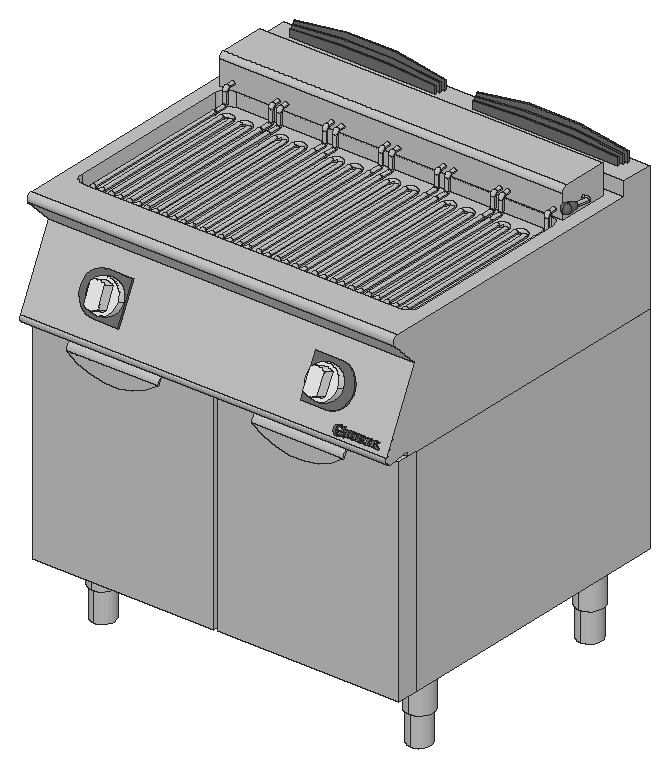
Revit family "QF_GIORIK_GL74GE", category Specialty Equipment, Revit 2014
Parameters (values of type "GL74GE")
  Weight in Pounds = 176.3696
  Watts = 8000 W
  Waste Water Discharge Temperature [instance] = 0 °C
  Volts = 230 V
  URL Cutsheet = "www.giorik.com"
  URL = "www.giorik.com"
  Status [instance] = ""
  Specification by User [instance] = ""
  Specification by Manufacturer = ""
  Show Logo [instance] = yes
  Show Clearance [instance] = yes
  Serial Number = ""
  Seismic Rating = ""
  SMACNA No = ""
  Revision Code [instance] = ""
  Plumbing Remarks [instance] = ""
  Plumbing Connection Type [instance] = ""
  Phase = 3
  Number of Poles [instance] = 3
  NAFEM Spec ID Number = ""
  Model = "GL74GE"
  Min Ckt Ampacity = 0 A
  Max Overcurrent Protection = 0 A
  Masterspec = ""
  Manufacturer = "GIORIK"
  Item Number [instance] = ""
  Installed By [instance] = ""
  Indirect Waste Size = 1 1/4"
  Indirect Waste Flow = 0.0 L/s
  Indirect Waste Connection Type [instance] = ""
  Indirect Waste Connection Height [instance] = 150 mm
  Identify Quantity as Lot [instance] = no
  HP = "10.728160000000"
  Furnished By [instance] = ""
  Foodservice Equipment Identifier [instance] = yes
  FL Amps = 0 A
  Electrical Remarks [instance] = ""
  Electric Connection Type [instance] = ""
  Elec Conn RI Height [instance] = 0 mm
  Elec Conn Connection Height [instance] = 150 mm
  Description = "ELECTRIC STEAMGRILL"
  Cycle = 50 Hz
  Conn Plug = ""
  Conn Conduit [instance] = no
  CSI MasterFormat = ""
  Assembly Code = "E1090320"
  Apparent Power = 8000 VA
Reference planes
  plane 1 "Back": y = 0
  plane 2: z = 0
  plane 3 "Left": x = 0
  plane 4 "Right": x = 800
  plane 5 "Front": y = -720
  plane 6 "Top": z = 900
Forms (mm)
  Extrusion 1, solid, visible <- "Show Logo"
    sketch origin (586.604, -736.761, 609.486) x (-1, 0, 0) y (0, 0.452718, 0.891654)
      loop
        line (-118.824, 58.358) -> (-127.804, 58.358) -> (-125.523, 56.445) -> (-125.523, 48.027) -> (-127.804, 46.113) -> (-118.824, 46.113) -> (-121.105, 48.027) -> (-121.105, 56.445) -> (-118.824, 58.358)
      loop
        line (-163.721, 58.358) -> (-172.7, 58.358) -> (-170.42, 56.445) -> (-170.42, 48.027) -> (-172.7, 46.113) -> (-163.721, 46.113) -> (-166.001, 48.027) -> (-166.001, 56.445) -> (-163.721, 58.358)
      loop
        line (-174.332, 58.358) -> (-183.312, 58.358) -> (-181.031, 56.445) -> (-181.031, 52.435) -> (-186.419, 56.955) -> (-184.416, 58.358) -> (-191.268, 58.358) -> (-188.01, 56.839) -> (-185.455, 54.283) -> (-190.846, 47.858) -> (-193.396, 46.93) -> (-193.396, 46.113) -> (-184.416, 46.113) -> (-185.437, 47.571) -> (-182.443, 51.552) -> (-181.031, 50.894) -> (-181.031, 48.027) -> (-183.312, 46.113) -> (-174.332, 46.113) -> (-176.613, 48.027) -> (-176.613, 56.445) -> (-174.332, 58.358)
      loop
        line (-115.429, 62.063) -> (-115.429, 54.198)
        arc (-115.429, 54.198) -> (-111.618, 57.803) -> (-106.847, 59.986) r 16.039
        arc (-106.847, 59.986) -> (-103.314, 59.837) -> (-100.512, 57.68) r 5.851
        arc (-100.512, 57.68) -> (-98.815, 52.267) -> (-100.512, 46.853) r 9.479
        arc (-100.512, 46.853) -> (-102.406, 44.986) -> (-104.846, 43.93) r 7.236
        arc (-104.846, 43.93) -> (-107.728, 44.111) -> (-110.052, 45.825) r 5.11
        line (-110.052, 45.825) -> (-110.052, 52.001) -> (-116.141, 52.001) -> (-116.141, 45.503) -> (-117.893, 43.751) -> (-114.094, 44.769)
        arc (-114.094, 44.769) -> (-112.56, 44.947) -> (-111.129, 44.366) r 3.115
        arc (-111.129, 44.366) -> (-104.216, 42.091) -> (-97.303, 44.366) r 11.641
        arc (-97.303, 44.366) -> (-93.396, 52.107) -> (-97.303, 59.849) r 9.622
        arc (-97.303, 59.849) -> (-104.369, 62.174) -> (-111.435, 59.849) r 11.898
        line (-111.435, 59.849) -> (-115.429, 62.063)
      loop
        arc (-129.234, 56.068) -> (-135.893, 58.628) -> (-142.552, 56.068) r 9.941
        arc (-142.552, 56.068) -> (-144.234, 52.286) -> (-142.552, 48.505) r 5.093
        arc (-142.552, 48.505) -> (-135.893, 45.945) -> (-129.234, 48.505) r 9.941
        arc (-129.234, 48.505) -> (-127.552, 52.286) -> (-129.234, 56.068) r 5.093
      loop
        arc (-132.628, 54.403) -> (-135.893, 57.668) -> (-139.158, 54.403) r 3.265
        line (-139.158, 54.403) -> (-139.158, 50.169)
        arc (-139.158, 50.169) -> (-135.893, 46.904) -> (-132.628, 50.169) r 3.265
        line (-132.628, 50.169) -> (-132.628, 54.403)
      loop
        arc (-156.363, 58.365) -> (-159.647, 55.081) -> (-156.363, 51.796) r 3.285
        line (-156.363, 51.796) -> (-159.529, 47.306) -> (-162.087, 46.113) -> (-155.847, 46.113) -> (-153.529, 51.083) -> (-150.637, 51.083) -> (-150.637, 47.784) -> (-153.022, 46.113) -> (-144.011, 46.113) -> (-146.094, 47.68) -> (-146.094, 56.493) -> (-144.229, 58.365) -> (-156.363, 58.365)
      loop
        line (-150.637, 57.512) -> (-153.637, 57.512)
        arc (-153.637, 57.512) -> (-156.237, 54.912) -> (-153.637, 52.312) r 2.6
        line (-153.637, 52.312) -> (-150.637, 52.312) -> (-150.637, 57.512)
      loop
        line (-108.924, 52.001) -> (-104.936, 49.005) -> (-100.948, 52.001) -> (-108.924, 52.001)
    from 1.5 to -0.5
  Extrusion 2, solid
    sketch origin (-16, 1025.81, 0) x (1, 0, 0) y (0, 1, 0)
      loop
        line (25, -1086.81) -> (25, -1156.81) -> (115, -1156.81) -> (115, -1086.81) -> (25, -1086.81)
    from 148 to 150
  Extrusion 3, solid
    sketch origin (-4, 0, 130) x (1, 0, 0) y (0, 1, 0)
      loop
        circle (54, -385) r 12.5
    from 0 to 20
  Extrusion 4, solid
    sketch origin (0, 1000, -20) x (0, 1, 0) y (0, 0, 1)
      loop
        line (-1000, 919.988) -> (-1070, 919.988) -> (-1070, 889.988) -> (-1688.806, 889.988)
        arc (-1688.806, 889.988) -> (-1699.151, 883.075) -> (-1696.724, 870.873) r 11.197
        line (-1696.724, 870.873) -> (-1640.876, 815.025) -> (-1718.948, 661.258)
        arc (-1718.948, 661.258) -> (-1718.233, 650.105) -> (-1708.118, 645.354) r 10.981
        line (-1708.118, 645.354) -> (-1660, 649.925) -> (-1660, 640) -> (-1000, 640) -> (-1000, 919.988)
    from 0 to 800
  Extrusion 5, solid
    sketch origin (0, 0, 599.536) x (1, 0, 0) y (0, 1, 0)
      loop
        line (0, -640) -> (40, -640) -> (40, -40) -> (760, -40) -> (760, -640) -> (800, -640) -> (800, 0) -> (0, 0) -> (0, -640)
    from -449.536 to 20.464
  Extrusion 6, solid
    sketch origin (0, 0, 0) x (1, 0, 0) y (0, 1, 0)
      loop
        line (40, -40) -> (40, -640) -> (760, -640) -> (760, -40) -> (40, -40)
    from 150 to 190
  Extrusion 7, solid
    sketch origin (-16, 560.81, 0) x (1, 0, 0) y (0, 1, 0)
      loop
        line (25, -1086.81) -> (25, -1156.81) -> (115, -1156.81) -> (115, -1086.81) -> (25, -1086.81)
    from 148 to 150
  Revolve 8, solid
    sketch origin (54, 560.81, 0) x (0, 1, 0) y (0, 0, 1)
      loop
        line (-1092.56, 66) -> (-1092.56, 148) -> (-1121.81, 148) -> (-1121.81, 0) -> (-1096.81, 0) -> (-1096.81, 66) -> (-1092.56, 66)
      axis (-1121.81, 0) -> (-1121.81, 148)
    angle from 0 to 360
  Revolve 9, solid
    sketch origin (54, 1025.81, 0) x (0, 1, 0) y (0, 0, 1)
      loop
        line (-1092.56, 66) -> (-1092.56, 148) -> (-1121.81, 148) -> (-1121.81, 0) -> (-1096.81, 0) -> (-1096.81, 66) -> (-1092.56, 66)
      axis (-1121.81, 0) -> (-1121.81, 148)
    angle from 0 to 360
  Extrusion 10, solid
    sketch origin (816, 560.81, 0) x (-1, 0, 0) y (0, -1, 0)
      loop
        line (25, 1086.81) -> (115, 1086.81) -> (115, 1156.81) -> (25, 1156.81) -> (25, 1086.81)
    from 148 to 150
  Revolve 11, solid
    sketch origin (746, 560.81, 0) x (0, 1, 0) y (0, 0, -1)
      loop
        line (-1092.56, -66) -> (-1096.81, -66) -> (-1096.81, 0) -> (-1121.81, 0) -> (-1121.81, -148) -> (-1092.56, -148) -> (-1092.56, -66)
      axis (-1121.81, 0) -> (-1121.81, -148)
    angle from 0 to 360
  Extrusion 12, solid
    sketch origin (816, -1217.81, 0) x (-1, 0, 0) y (0, -1, 0)
      loop
        line (25, -1086.81) -> (25, -1156.81) -> (115, -1156.81) -> (115, -1086.81) -> (25, -1086.81)
    from 148 to 150
  Revolve 13, solid
    sketch origin (746, -1217.81, 0) x (0, -1, 0) y (0, 0, 1)
      loop
        line (-1092.56, 66) -> (-1092.56, 148) -> (-1121.81, 148) -> (-1121.81, 0) -> (-1096.81, 0) -> (-1096.81, 66) -> (-1092.56, 66)
      axis (-1121.81, 0) -> (-1121.81, 148)
    angle from 0 to 360
  Extrusion 14, solid
    sketch origin (-263.221, -963.345, 52.363) x (1, 0, 0) y (0, 0.452718, 0.891654)
      loop
        line (463.221, 676.25) -> (463.221, 766.25) -> (409.698, 766.25)
        arc (409.698, 766.25) -> (364.698, 721.25) -> (409.698, 676.25) r 45
        line (409.698, 676.25) -> (463.221, 676.25)
    from 48 to 50
  Extrusion 15, solid
    sketch origin (511.331, -1008.697, 74.959) x (-1, 0, 0) y (0, -0.45351, -0.891251)
      loop
        circle (351.331, -721.346) r 35
    from 0 to 15
  Extrusion 16, solid
    sketch origin (511.331, -1008.697, 74.959) x (-1, 0, 0) y (0, -0.45351, -0.891251)
      loop
        arc (336.331, -743.846) -> (351.331, -748.846) -> (366.331, -743.846) r 25
        line (366.331, -743.846) -> (366.331, -698.846)
        arc (366.331, -698.846) -> (351.331, -693.846) -> (336.331, -698.846) r 25
        line (336.331, -698.846) -> (336.331, -743.846)
    from 15 to 40
  Extrusion 17, solid
    sketch origin (-94, 0, -10.001) x (1, 0, 0) y (0, 0, 1)
      loop
        line (135, 909.989) -> (453, 909.989) -> (453, 925.527) -> (347.056, 931.749) -> (240.944, 931.749) -> (135, 925.527) -> (135, 909.989)
    from 32 to 35
  Extrusion 18, solid
    sketch origin (-92, 10, -10.001) x (1, 0, 0) y (0, 0, 1)
      loop
        line (454, 909.989) -> (454, 928.527) -> (346.162, 939.193) -> (237.838, 939.193) -> (130, 928.527) -> (130, 909.989) -> (454, 909.989)
    from 32 to 35
  Extrusion 19, solid
    sketch origin (-90, 20, -10.001) x (1, 0, 0) y (0, 0, 1)
      loop
        line (455, 909.989) -> (455, 930.527) -> (345.396, 947.413) -> (234.604, 947.413) -> (125, 930.527) -> (125, 909.989) -> (455, 909.989)
    from 32 to 35
  Extrusion 20, void
    sketch origin (0, 0, 819.988) x (0, 1, 0) y (-1, 0, 0)
      loop
        arc (-200, -55) -> (-207.322, -37.322) -> (-225, -30) r 25
        line (-225, -30) -> (-589.698, -30)
        arc (-589.698, -30) -> (-607.375, -37.322) -> (-614.698, -55) r 25
        line (-614.698, -55) -> (-614.698, -745)
        arc (-614.698, -745) -> (-607.375, -762.678) -> (-589.698, -770) r 25
        line (-589.698, -770) -> (-225, -770)
        arc (-225, -770) -> (-207.322, -762.678) -> (-200, -745) r 25
        line (-200, -745) -> (-200, -55)
    from 20 to 50
  Extrusion 21, solid
    sketch origin (464.5, -383, 1848.988) x (0, -1, 0) y (0, 0, 1)
      loop
        line (-293, -915.5) -> (-293, -979) -> (-183, -979) -> (-183, -927.5)
        arc (-183, -927.5) -> (-186.515, -919.015) -> (-195, -915.5) r 12
        line (-195, -915.5) -> (-293, -915.5)
    from -305.5 to 444.5
  Sweep 22, solid
    path origin (-40.5, 1386.369, 650.284) x (0, 0.987688, -0.156434) y (-1, 0, 0)
      loop
        line (-1551.47, -757) -> (-1551.47, -818)
        arc (-1551.47, -818) -> (-1554.162, -824.308) -> (-1560.47, -827) r 9.2
        line (-1560.47, -827) -> (-1595.47, -827)
    profile origin (747, -146, 892.988) x (0, 0.987688, -0.156434) y (0, 0.156434, 0.987688)
      loop
        circle (0, 0) r 4
  Revolve 23, solid
    sketch origin (786.5, 1381.82, -276.578) x (0, 0.987688, -0.156434) y (0, 0.156434, 0.987688)
      loop
        line (-1735.97, 916.293) -> (-1735.97, 923.293)
        arc (-1735.97, 923.293) -> (-1746.353, 925.612) -> (-1756.97, 926.293) r 68.381
        arc (-1756.97, 926.293) -> (-1764.041, 923.364) -> (-1766.97, 916.293) r 10
        line (-1766.97, 916.293) -> (-1735.97, 916.293)
      axis (-1735.97, 916.293) -> (-1766.97, 916.293)
    angle from 0 to 360
  Sweep 24, solid
    path origin (48.844, 1252.908, 69.791) x (0, 1, 0) y (0, 0, 1)
      loop
        line (-1452.907, 815) -> (-1467.907, 815)
        arc (-1467.907, 815) -> (-1471.443, 813.536) -> (-1472.907, 810) r 5
        line (-1472.907, 810) -> (-1472.907, 785)
        arc (-1472.907, 785) -> (-1474.372, 781.464) -> (-1477.907, 780) r 5
        line (-1477.907, 780) -> (-1502.907, 780)
    profile origin (48.844, -207.5, 884.791) x (0, 0, -1) y (1, 0, 0)
      loop
        circle (0, 0) r 4
  Sweep 25, solid
    path origin (-1280.633, 1146.628, 849.791) x (0, 1, 0) y (-1, 0, 0)
      loop
        line (-1396.628, -1329.478) -> (-1726.628, -1329.478)
        arc (-1726.628, -1329.478) -> (-1736.628, -1339.478) -> (-1726.628, -1349.478) r 10
        line (-1726.628, -1349.478) -> (-1401.628, -1349.478)
        arc (-1401.628, -1349.478) -> (-1391.628, -1359.478) -> (-1401.628, -1369.478) r 10
        line (-1401.628, -1369.478) -> (-1726.628, -1369.478)
        arc (-1726.628, -1369.478) -> (-1736.628, -1379.478) -> (-1726.628, -1389.478) r 10
        line (-1726.628, -1389.478) -> (-1401.628, -1389.478)
        arc (-1401.628, -1389.478) -> (-1391.628, -1399.478) -> (-1401.628, -1409.478) r 10
        line (-1401.628, -1409.478) -> (-1726.628, -1409.478)
        arc (-1726.628, -1409.478) -> (-1736.628, -1419.478) -> (-1726.628, -1429.478) r 10
        line (-1726.628, -1429.478) -> (-1396.628, -1429.478)
    profile origin (48.844, -415, 849.791) x (1, 0, 0) y (0, 0, 1)
      loop
        circle (0, 0) r 4
  Sweep 26, solid
    path origin (148.844, 1252.908, 69.791) x (0, 1, 0) y (0, 0, 1)
      loop
        line (-1452.907, 815) -> (-1467.907, 815)
        arc (-1467.907, 815) -> (-1471.443, 813.536) -> (-1472.907, 810) r 5
        line (-1472.907, 810) -> (-1472.907, 785)
        arc (-1472.907, 785) -> (-1474.372, 781.464) -> (-1477.907, 780) r 5
        line (-1477.907, 780) -> (-1502.907, 780)
    profile origin (148.844, -207.5, 884.791) x (0, 0, -1) y (1, 0, 0)
      loop
        circle (0, 0) r 4
  Extrusion 27, solid
    sketch origin (1063.221, -963.345, 52.363) x (-1, 0, 0) y (0, -0.452718, -0.891654)
      loop
        line (463.221, -676.25) -> (409.698, -676.25)
        arc (409.698, -676.25) -> (364.698, -721.25) -> (409.698, -766.25) r 45
        line (409.698, -766.25) -> (463.221, -766.25) -> (463.221, -676.25)
    from 48 to 50
  Extrusion 28, solid
    sketch origin (288.669, -1008.697, 74.959) x (1, 0, 0) y (0, 0.45351, 0.891251)
      loop
        circle (351.331, 721.346) r 35
    from 0 to 15
  Extrusion 29, solid
    sketch origin (288.669, -1008.697, 74.959) x (1, 0, 0) y (0, 0.45351, 0.891251)
      loop
        line (336.331, 743.846) -> (336.331, 698.846)
        arc (336.331, 698.846) -> (351.331, 693.846) -> (366.331, 698.846) r 25
        line (366.331, 698.846) -> (366.331, 743.846)
        arc (366.331, 743.846) -> (351.331, 748.846) -> (336.331, 743.846) r 25
    from 15 to 40
  Extrusion 30, solid
    sketch origin (400, 0, 100) x (0, 1, 0) y (-1, 0, 0)
      loop
        circle (-195, -350) r 16
    from 30 to 50
  Extrusion 31, solid
    sketch origin (405, -725, 0) x (1, 0, 0) y (0, 0, 1)
      loop
        line (0, 620) -> (0, 150) -> (395, 150) -> (395, 620) -> (0, 620)
    from -85 to -40
  Extrusion 32, solid
    sketch origin (405, -725, -20.1) x (0, 1, 0) y (0, 0, 1)
      loop
        arc (25, 640.1) -> (14.393, 635.707) -> (10, 625.1) r 15
        line (10, 625.1) -> (12, 625.1)
        arc (12, 625.1) -> (15.808, 634.292) -> (25, 638.1) r 13
        line (25, 638.1) -> (40, 638.1) -> (40, 640.1) -> (25, 640.1)
    from 97.5 to 297.5
  Extrusion 33, solid
    sketch origin (405, -724.905, -20.1) x (1, 0, 0) y (0, 0, 1)
      loop
        arc (97.5, 625.1) -> (197.5, 590.089) -> (297.5, 625.1) r 160.316
        line (297.5, 625.1) -> (97.5, 625.1)
    from -11.905 to -9.905
  Extrusion 34, solid, visible <- "Show Clearance", detail levels coarse
    sketch origin (800, -725, 0) x (-1, 0, 0) y (0, -1, 0)
      loop
        line (0, -40) -> (395, -40)
        arc (395, -40) -> (279.307, 239.307) -> (0, 355) r 395
        line (0, 355) -> (0, -40)
    from 150 to 620
  Sweep 35, solid
    path origin (166.389, 1252.908, 69.791) x (0, 1, 0) y (0, 0, 1)
      loop
        line (-1452.907, 815) -> (-1467.907, 815)
        arc (-1467.907, 815) -> (-1471.443, 813.536) -> (-1472.907, 810) r 5
        line (-1472.907, 810) -> (-1472.907, 785)
        arc (-1472.907, 785) -> (-1474.372, 781.464) -> (-1477.907, 780) r 5
        line (-1477.907, 780) -> (-1502.907, 780)
    profile origin (166.389, -207.5, 884.791) x (0, 0, -1) y (1, 0, 0)
      loop
        circle (0, 0) r 4
  Sweep 36, solid
    path origin (-1163.089, 1146.628, 849.791) x (0, 1, 0) y (-1, 0, 0)
      loop
        line (-1396.628, -1329.478) -> (-1726.628, -1329.478)
        arc (-1726.628, -1329.478) -> (-1736.628, -1339.478) -> (-1726.628, -1349.478) r 10
        line (-1726.628, -1349.478) -> (-1401.628, -1349.478)
        arc (-1401.628, -1349.478) -> (-1391.628, -1359.478) -> (-1401.628, -1369.478) r 10
        line (-1401.628, -1369.478) -> (-1726.628, -1369.478)
        arc (-1726.628, -1369.478) -> (-1736.628, -1379.478) -> (-1726.628, -1389.478) r 10
        line (-1726.628, -1389.478) -> (-1401.628, -1389.478)
        arc (-1401.628, -1389.478) -> (-1391.628, -1399.478) -> (-1401.628, -1409.478) r 10
        line (-1401.628, -1409.478) -> (-1726.628, -1409.478)
        arc (-1726.628, -1409.478) -> (-1736.628, -1419.478) -> (-1726.628, -1429.478) r 10
        line (-1726.628, -1429.478) -> (-1396.628, -1429.478)
    profile origin (166.389, -415, 849.791) x (1, 0, 0) y (0, 0, 1)
      loop
        circle (0, 0) r 4
  Sweep 37, solid
    path origin (266.389, 1252.908, 69.791) x (0, 1, 0) y (0, 0, 1)
      loop
        line (-1452.907, 815) -> (-1467.907, 815)
        arc (-1467.907, 815) -> (-1471.443, 813.536) -> (-1472.907, 810) r 5
        line (-1472.907, 810) -> (-1472.907, 785)
        arc (-1472.907, 785) -> (-1474.372, 781.464) -> (-1477.907, 780) r 5
        line (-1477.907, 780) -> (-1502.907, 780)
    profile origin (266.389, -207.5, 884.791) x (0, 0, -1) y (1, 0, 0)
      loop
        circle (0, 0) r 4
  Sweep 38, solid
    path origin (288.822, 1252.908, 69.791) x (0, 1, 0) y (0, 0, 1)
      loop
        line (-1452.907, 815) -> (-1467.907, 815)
        arc (-1467.907, 815) -> (-1471.443, 813.536) -> (-1472.907, 810) r 5
        line (-1472.907, 810) -> (-1472.907, 785)
        arc (-1472.907, 785) -> (-1474.372, 781.464) -> (-1477.907, 780) r 5
        line (-1477.907, 780) -> (-1502.907, 780)
    profile origin (288.822, -207.5, 884.791) x (0, 0, -1) y (1, 0, 0)
      loop
        circle (0, 0) r 4
  Sweep 39, solid
    path origin (-1040.656, 1146.628, 849.791) x (0, 1, 0) y (-1, 0, 0)
      loop
        line (-1396.628, -1329.478) -> (-1726.628, -1329.478)
        arc (-1726.628, -1329.478) -> (-1736.628, -1339.478) -> (-1726.628, -1349.478) r 10
        line (-1726.628, -1349.478) -> (-1401.628, -1349.478)
        arc (-1401.628, -1349.478) -> (-1391.628, -1359.478) -> (-1401.628, -1369.478) r 10
        line (-1401.628, -1369.478) -> (-1726.628, -1369.478)
        arc (-1726.628, -1369.478) -> (-1736.628, -1379.478) -> (-1726.628, -1389.478) r 10
        line (-1726.628, -1389.478) -> (-1401.628, -1389.478)
        arc (-1401.628, -1389.478) -> (-1391.628, -1399.478) -> (-1401.628, -1409.478) r 10
        line (-1401.628, -1409.478) -> (-1726.628, -1409.478)
        arc (-1726.628, -1409.478) -> (-1736.628, -1419.478) -> (-1726.628, -1429.478) r 10
        line (-1726.628, -1429.478) -> (-1396.628, -1429.478)
    profile origin (288.822, -415, 849.791) x (1, 0, 0) y (0, 0, 1)
      loop
        circle (0, 0) r 4
  Sweep 40, solid
    path origin (388.822, 1252.908, 69.791) x (0, 1, 0) y (0, 0, 1)
      loop
        line (-1452.907, 815) -> (-1467.907, 815)
        arc (-1467.907, 815) -> (-1471.443, 813.536) -> (-1472.907, 810) r 5
        line (-1472.907, 810) -> (-1472.907, 785)
        arc (-1472.907, 785) -> (-1474.372, 781.464) -> (-1477.907, 780) r 5
        line (-1477.907, 780) -> (-1502.907, 780)
    profile origin (388.822, -207.5, 884.791) x (0, 0, -1) y (1, 0, 0)
      loop
        circle (0, 0) r 4
  Sweep 41, solid
    path origin (751.2, 1252.908, 69.791) x (0, 1, 0) y (0, 0, -1)
      loop
        line (-1452.907, -815) -> (-1467.907, -815)
        arc (-1467.907, -815) -> (-1471.443, -813.536) -> (-1472.907, -810) r 5
        line (-1472.907, -810) -> (-1472.907, -785)
        arc (-1472.907, -785) -> (-1474.372, -781.464) -> (-1477.907, -780) r 5
        line (-1477.907, -780) -> (-1502.907, -780)
    profile origin (751.2, -207.5, 884.791) x (0, 0, 1) y (-1, 0, 0)
      loop
        circle (0, 0) r 4
  Sweep 42, solid
    path origin (2080.678, 1146.628, 849.791) x (0, 1, 0) y (-1, 0, 0)
      loop
        line (-1396.628, 1329.478) -> (-1726.628, 1329.478)
        arc (-1726.628, 1329.478) -> (-1736.628, 1339.478) -> (-1726.628, 1349.478) r 10
        line (-1726.628, 1349.478) -> (-1401.628, 1349.478)
        arc (-1401.628, 1349.478) -> (-1391.628, 1359.478) -> (-1401.628, 1369.478) r 10
        line (-1401.628, 1369.478) -> (-1726.628, 1369.478)
        arc (-1726.628, 1369.478) -> (-1736.628, 1379.478) -> (-1726.628, 1389.478) r 10
        line (-1726.628, 1389.478) -> (-1401.628, 1389.478)
        arc (-1401.628, 1389.478) -> (-1391.628, 1399.478) -> (-1401.628, 1409.478) r 10
        line (-1401.628, 1409.478) -> (-1726.628, 1409.478)
        arc (-1726.628, 1409.478) -> (-1736.628, 1419.478) -> (-1726.628, 1429.478) r 10
        line (-1726.628, 1429.478) -> (-1396.628, 1429.478)
    profile origin (751.2, -415, 849.791) x (1, 0, 0) y (0, 0, 1)
      loop
        circle (0, 0) r 4
  Sweep 43, solid
    path origin (651.2, 1252.908, 69.791) x (0, 1, 0) y (0, 0, -1)
      loop
        line (-1452.907, -815) -> (-1467.907, -815)
        arc (-1467.907, -815) -> (-1471.443, -813.536) -> (-1472.907, -810) r 5
        line (-1472.907, -810) -> (-1472.907, -785)
        arc (-1472.907, -785) -> (-1474.372, -781.464) -> (-1477.907, -780) r 5
        line (-1477.907, -780) -> (-1502.907, -780)
    profile origin (651.2, -207.5, 884.791) x (0, 0, 1) y (-1, 0, 0)
      loop
        circle (0, 0) r 4
  Sweep 44, solid
    path origin (633.655, 1252.908, 69.791) x (0, 1, 0) y (0, 0, -1)
      loop
        line (-1452.907, -815) -> (-1467.907, -815)
        arc (-1467.907, -815) -> (-1471.443, -813.536) -> (-1472.907, -810) r 5
        line (-1472.907, -810) -> (-1472.907, -785)
        arc (-1472.907, -785) -> (-1474.372, -781.464) -> (-1477.907, -780) r 5
        line (-1477.907, -780) -> (-1502.907, -780)
    profile origin (633.655, -207.5, 884.791) x (0, 0, 1) y (-1, 0, 0)
      loop
        circle (0, 0) r 4
  Sweep 45, solid
    path origin (1963.133, 1146.628, 849.791) x (0, 1, 0) y (-1, 0, 0)
      loop
        line (-1396.628, 1329.478) -> (-1726.628, 1329.478)
        arc (-1726.628, 1329.478) -> (-1736.628, 1339.478) -> (-1726.628, 1349.478) r 10
        line (-1726.628, 1349.478) -> (-1401.628, 1349.478)
        arc (-1401.628, 1349.478) -> (-1391.628, 1359.478) -> (-1401.628, 1369.478) r 10
        line (-1401.628, 1369.478) -> (-1726.628, 1369.478)
        arc (-1726.628, 1369.478) -> (-1736.628, 1379.478) -> (-1726.628, 1389.478) r 10
        line (-1726.628, 1389.478) -> (-1401.628, 1389.478)
        arc (-1401.628, 1389.478) -> (-1391.628, 1399.478) -> (-1401.628, 1409.478) r 10
        line (-1401.628, 1409.478) -> (-1726.628, 1409.478)
        arc (-1726.628, 1409.478) -> (-1736.628, 1419.478) -> (-1726.628, 1429.478) r 10
        line (-1726.628, 1429.478) -> (-1396.628, 1429.478)
    profile origin (633.655, -415, 849.791) x (1, 0, 0) y (0, 0, 1)
      loop
        circle (0, 0) r 4
  Sweep 46, solid
    path origin (533.655, 1252.908, 69.791) x (0, 1, 0) y (0, 0, -1)
      loop
        line (-1452.907, -815) -> (-1467.907, -815)
        arc (-1467.907, -815) -> (-1471.443, -813.536) -> (-1472.907, -810) r 5
        line (-1472.907, -810) -> (-1472.907, -785)
        arc (-1472.907, -785) -> (-1474.372, -781.464) -> (-1477.907, -780) r 5
        line (-1477.907, -780) -> (-1502.907, -780)
    profile origin (533.655, -207.5, 884.791) x (0, 0, 1) y (-1, 0, 0)
      loop
        circle (0, 0) r 4
  Sweep 47, solid
    path origin (511.222, 1252.908, 69.791) x (0, 1, 0) y (0, 0, -1)
      loop
        line (-1452.907, -815) -> (-1467.907, -815)
        arc (-1467.907, -815) -> (-1471.443, -813.536) -> (-1472.907, -810) r 5
        line (-1472.907, -810) -> (-1472.907, -785)
        arc (-1472.907, -785) -> (-1474.372, -781.464) -> (-1477.907, -780) r 5
        line (-1477.907, -780) -> (-1502.907, -780)
    profile origin (511.222, -207.5, 884.791) x (0, 0, 1) y (-1, 0, 0)
      loop
        circle (0, 0) r 4
  Sweep 48, solid
    path origin (1840.7, 1146.628, 849.791) x (0, 1, 0) y (-1, 0, 0)
      loop
        line (-1396.628, 1329.478) -> (-1726.628, 1329.478)
        arc (-1726.628, 1329.478) -> (-1736.628, 1339.478) -> (-1726.628, 1349.478) r 10
        line (-1726.628, 1349.478) -> (-1401.628, 1349.478)
        arc (-1401.628, 1349.478) -> (-1391.628, 1359.478) -> (-1401.628, 1369.478) r 10
        line (-1401.628, 1369.478) -> (-1726.628, 1369.478)
        arc (-1726.628, 1369.478) -> (-1736.628, 1379.478) -> (-1726.628, 1389.478) r 10
        line (-1726.628, 1389.478) -> (-1401.628, 1389.478)
        arc (-1401.628, 1389.478) -> (-1391.628, 1399.478) -> (-1401.628, 1409.478) r 10
        line (-1401.628, 1409.478) -> (-1726.628, 1409.478)
        arc (-1726.628, 1409.478) -> (-1736.628, 1419.478) -> (-1726.628, 1429.478) r 10
        line (-1726.628, 1429.478) -> (-1396.628, 1429.478)
    profile origin (511.222, -415, 849.791) x (1, 0, 0) y (0, 0, 1)
      loop
        circle (0, 0) r 4
  Sweep 49, solid
    path origin (411.222, 1252.908, 69.791) x (0, 1, 0) y (0, 0, -1)
      loop
        line (-1452.907, -815) -> (-1467.907, -815)
        arc (-1467.907, -815) -> (-1471.443, -813.536) -> (-1472.907, -810) r 5
        line (-1472.907, -810) -> (-1472.907, -785)
        arc (-1472.907, -785) -> (-1474.372, -781.464) -> (-1477.907, -780) r 5
        line (-1477.907, -780) -> (-1502.907, -780)
    profile origin (411.222, -207.5, 884.791) x (0, 0, 1) y (-1, 0, 0)
      loop
        circle (0, 0) r 4
  Extrusion 50, solid
    sketch origin (894, 0, -10.001) x (-1, 0, 0) y (0, 0, -1)
      loop
        line (135, -909.989) -> (135, -925.527) -> (240.944, -931.749) -> (347.056, -931.749) -> (453, -925.527) -> (453, -909.989) -> (135, -909.989)
    from 32 to 35
  Extrusion 51, solid
    sketch origin (892, 10, -10.001) x (-1, 0, 0) y (0, 0, -1)
      loop
        line (454, -909.989) -> (130, -909.989) -> (130, -928.527) -> (237.838, -939.193) -> (346.162, -939.193) -> (454, -928.527) -> (454, -909.989)
    from 32 to 35
  Extrusion 52, solid
    sketch origin (890, 20, -10.001) x (-1, 0, 0) y (0, 0, -1)
      loop
        line (455, -909.989) -> (125, -909.989) -> (125, -930.527) -> (234.604, -947.413) -> (345.396, -947.413) -> (455, -930.527) -> (455, -909.989)
    from 32 to 35
  Extrusion 53, solid
    sketch origin (395, -725, 0) x (-1, 0, 0) y (0, 0, -1)
      loop
        line (0, -620) -> (395, -620) -> (395, -150) -> (0, -150) -> (0, -620)
    from -85 to -40
  Extrusion 54, solid
    sketch origin (395, -725, -20.1) x (0, 1, 0) y (0, 0, -1)
      loop
        line (25, -640.1) -> (40, -640.1) -> (40, -638.1) -> (25, -638.1)
        arc (25, -638.1) -> (15.808, -634.292) -> (12, -625.1) r 13
        line (12, -625.1) -> (10, -625.1)
        arc (10, -625.1) -> (14.393, -635.707) -> (25, -640.1) r 15
    from 97.5 to 297.5
  Extrusion 55, solid
    sketch origin (395, -724.905, -20.1) x (-1, 0, 0) y (0, 0, -1)
      loop
        line (97.5, -625.1) -> (297.5, -625.1)
        arc (297.5, -625.1) -> (197.5, -590.089) -> (97.5, -625.1) r 160.316
    from -11.905 to -9.905
  Extrusion 56, solid, visible <- "Show Clearance", detail levels coarse
    sketch origin (0, -725, 0) x (1, 0, 0) y (0, 1, 0)
      loop
        line (0, 40) -> (0, -355)
        arc (0, -355) -> (279.307, -239.307) -> (395, 40) r 395
        line (395, 40) -> (0, 40)
    from 150 to 620
Cuts and joins
  Extrusion 20 cuts Extrusion 4
Lines and regions (mm)
  symbolic lines, style "200-EquipBorder-2D"
    curve 1: line (0, -720, 0) -> (800, -720, 0)
    curve 2: line (800, -720, 0) -> (800, 0, 0)
    curve 3: line (800, 0, 0) -> (0, 0, 0)
    curve 4: line (0, 0, 0) -> (0, -720, 0)
  symbolic lines, style "200-EquipInternal-2D"
    curve 5: line (0, -70, 900) -> (800, -70, 900)
    curve 6: line (35, -12, 900) -> (365, -12, 900)
    curve 7: line (365, -12, 900) -> (365, -15, 900)
    curve 8: line (365, -15, 900) -> (35, -15, 900)
    curve 9: line (35, -15, 900) -> (35, -12, 900)
    curve 10: line (38, -22, 900) -> (362, -22, 900)
    curve 11: line (362, -22, 900) -> (362, -25, 900)
    curve 12: line (362, -25, 900) -> (38, -25, 900)
    curve 13: line (38, -25, 900) -> (38, -22, 900)
    curve 14: line (41, -32, 900) -> (359, -32, 900)
    curve 15: line (359, -32, 900) -> (359, -35, 900)
    curve 16: line (359, -35, 900) -> (41, -35, 900)
    curve 17: line (41, -35, 900) -> (41, -32, 900)
    curve 20: line (20, -200, 900) -> (20, -90, 900)
    curve 21: line (20, -90, 900) -> (770, -90, 900)
    curve 22: line (770, -200, 900) -> (20, -200, 900)
    curve 23: line (782.501, -155.079, 900) -> (782.501, -188.518, 900)
    curve 24: line (790.499, -154.963, 900) -> (790.499, -188.518, 900)
    curve 25: arc (777.404, -149.982, 900) -> (781.008, -151.475, 900) -> (782.501, -155.079, 900) r 5.097
    curve 26: arc (777.536, -142, 900) -> (786.702, -145.797, 900) -> (790.499, -154.963, 900) r 12.963
    curve 27: arc (776.533, -210.204, 900) -> (786.533, -220.204, 900) -> (796.533, -210.204, 900) r 10
    curve 28: arc (796.533, -210.204, 900) -> (795.804, -199.779, 900) -> (793.631, -189.557, 900) r 74.904
    curve 29: arc (779.461, -189.443, 900) -> (777.269, -199.721, 900) -> (776.533, -210.204, 900) r 75.072
    curve 30: arc (790.499, -188.518, 900) -> (792.163, -188.743, 900) -> (793.631, -189.557, 900) r 4.546
    curve 31: arc (782.501, -188.518, 900) -> (780.891, -188.685, 900) -> (779.461, -189.443, 900) r 4.244
    curve 34: line (777.404, -149.982, 900) -> (770, -149.982, 900)
    curve 35: line (777.536, -142, 900) -> (770, -142, 900)
    curve 36: line (647.2, -200, 900) -> (647.2, -580, 900)
    curve 37: arc (647.2, -580, 900) -> (661.223, -594.023, 900) -> (675.246, -580, 900) r 14.023
    curve 38: line (675.246, -580, 900) -> (675.246, -255, 900)
    curve 39: arc (675.246, -255, 900) -> (681.201, -249.046, 900) -> (687.155, -255, 900) r 5.954
    curve 40: line (687.155, -255, 900) -> (687.155, -580, 900)
    curve 41: arc (687.155, -580, 900) -> (701.176, -594.021, 900) -> (715.197, -580, 900) r 14.021
    curve 42: line (715.197, -580, 900) -> (715.197, -255, 900)
    curve 43: arc (715.197, -255, 900) -> (721.211, -248.986, 900) -> (727.224, -255, 900) r 6.013
    curve 44: line (727.224, -255, 900) -> (727.224, -580, 900)
    curve 45: arc (727.224, -580, 900) -> (741.238, -594.014, 900) -> (755.252, -580, 900) r 14.014
    curve 46: line (755.252, -580, 900) -> (755.252, -200, 900)
    curve 47: line (747.257, -200, 900) -> (747.257, -580, 900)
    curve 48: line (735.198, -580, 900) -> (735.198, -255, 900)
    curve 49: arc (735.198, -255, 900) -> (721.215, -241.017, 900) -> (707.231, -255, 900) r 13.983
    curve 50: line (707.231, -255, 900) -> (707.231, -580, 900)
    curve 51: arc (707.231, -580, 900) -> (701.21, -586.021, 900) -> (695.189, -580, 900) r 6.021
    curve 52: line (695.189, -580, 900) -> (695.189, -255, 900)
    curve 53: arc (695.189, -255, 900) -> (681.227, -241.039, 900) -> (667.266, -255, 900) r 13.961
    curve 54: line (667.266, -255, 900) -> (667.266, -580, 900)
    curve 55: arc (667.266, -580, 900) -> (661.249, -586.017, 900) -> (655.232, -580, 900) r 6.017
    curve 56: line (655.232, -580, 900) -> (655.232, -200, 900)
    curve 57: arc (735.198, -580, 900) -> (741.227, -586.03, 900) -> (747.257, -580, 900) r 6.03
    curve 58: line (529.655, -200, 900) -> (529.655, -580, 900)
    curve 59: arc (529.655, -580, 900) -> (543.678, -594.023, 900) -> (557.702, -580, 900) r 14.023
    curve 60: line (557.702, -580, 900) -> (557.702, -255, 900)
    curve 61: arc (557.702, -255, 900) -> (563.656, -249.046, 900) -> (569.61, -255, 900) r 5.954
    curve 62: line (569.61, -255, 900) -> (569.61, -580, 900)
    curve 63: arc (569.61, -580, 900) -> (583.631, -594.021, 900) -> (597.653, -580, 900) r 14.021
    curve 64: line (597.653, -580, 900) -> (597.653, -255, 900)
    curve 65: arc (597.653, -255, 900) -> (603.666, -248.986, 900) -> (609.68, -255, 900) r 6.013
    curve 66: line (609.68, -255, 900) -> (609.68, -580, 900)
    curve 67: arc (609.68, -580, 900) -> (623.693, -594.014, 900) -> (637.707, -580, 900) r 14.014
    curve 68: line (637.707, -580, 900) -> (637.707, -200, 900)
    curve 69: line (629.713, -200, 900) -> (629.713, -580, 900)
    curve 70: line (617.653, -580, 900) -> (617.653, -255, 900)
    curve 71: arc (617.653, -255, 900) -> (603.67, -241.017, 900) -> (589.687, -255, 900) r 13.983
    curve 72: line (589.687, -255, 900) -> (589.687, -580, 900)
    curve 73: arc (589.687, -580, 900) -> (583.665, -586.021, 900) -> (577.644, -580, 900) r 6.021
    curve 74: line (577.644, -580, 900) -> (577.644, -255, 900)
    curve 75: arc (577.644, -255, 900) -> (563.683, -241.039, 900) -> (549.721, -255, 900) r 13.961
    curve 76: line (549.721, -255, 900) -> (549.721, -580, 900)
    curve 77: arc (549.721, -580, 900) -> (543.704, -586.017, 900) -> (537.687, -580, 900) r 6.017
    curve 78: line (537.687, -580, 900) -> (537.687, -200, 900)
    curve 79: arc (617.653, -580, 900) -> (623.683, -586.03, 900) -> (629.713, -580, 900) r 6.03
    curve 80: line (407.222, -200, 900) -> (407.222, -580, 900)
    curve 81: arc (407.222, -580, 900) -> (421.245, -594.023, 900) -> (435.269, -580, 900) r 14.023
    curve 82: line (435.269, -580, 900) -> (435.269, -255, 900)
    curve 83: arc (435.269, -255, 900) -> (441.223, -249.046, 900) -> (447.177, -255, 900) r 5.954
    curve 84: line (447.177, -255, 900) -> (447.177, -580, 900)
    curve 85: arc (447.177, -580, 900) -> (461.198, -594.021, 900) -> (475.219, -580, 900) r 14.021
    curve 86: line (475.219, -580, 900) -> (475.219, -255, 900)
    curve 87: arc (475.219, -255, 900) -> (481.233, -248.986, 900) -> (487.246, -255, 900) r 6.013
    curve 88: line (487.246, -255, 900) -> (487.246, -580, 900)
    curve 89: arc (487.246, -580, 900) -> (501.26, -594.014, 900) -> (515.274, -580, 900) r 14.014
    curve 90: line (515.274, -580, 900) -> (515.274, -200, 900)
    curve 91: line (507.279, -200, 900) -> (507.279, -580, 900)
    curve 92: line (495.22, -580, 900) -> (495.22, -255, 900)
    curve 93: arc (495.22, -255, 900) -> (481.237, -241.017, 900) -> (467.254, -255, 900) r 13.983
    curve 94: line (467.254, -255, 900) -> (467.254, -580, 900)
    curve 95: arc (467.254, -580, 900) -> (461.232, -586.021, 900) -> (455.211, -580, 900) r 6.021
    curve 96: line (455.211, -580, 900) -> (455.211, -255, 900)
    curve 97: arc (455.211, -255, 900) -> (441.25, -241.039, 900) -> (427.288, -255, 900) r 13.961
    curve 98: line (427.288, -255, 900) -> (427.288, -580, 900)
    curve 99: arc (427.288, -580, 900) -> (421.271, -586.017, 900) -> (415.254, -580, 900) r 6.017
    curve 100: line (415.254, -580, 900) -> (415.254, -200, 900)
    curve 101: arc (495.22, -580, 900) -> (501.25, -586.03, 900) -> (507.279, -580, 900) r 6.03
    curve 102: line (284.822, -200, 900) -> (284.822, -580, 900)
    curve 103: arc (284.822, -580, 900) -> (298.845, -594.023, 900) -> (312.869, -580, 900) r 14.023
    curve 104: line (312.869, -580, 900) -> (312.869, -255, 900)
    curve 105: arc (312.869, -255, 900) -> (318.823, -249.046, 900) -> (324.777, -255, 900) r 5.954
    curve 106: line (324.777, -255, 900) -> (324.777, -580, 900)
    curve 107: arc (324.777, -580, 900) -> (338.798, -594.021, 900) -> (352.819, -580, 900) r 14.021
    curve 108: line (352.819, -580, 900) -> (352.819, -255, 900)
    curve 109: arc (352.819, -255, 900) -> (358.833, -248.986, 900) -> (364.846, -255, 900) r 6.013
    curve 110: line (364.846, -255, 900) -> (364.846, -580, 900)
    curve 111: arc (364.846, -580, 900) -> (378.86, -594.014, 900) -> (392.874, -580, 900) r 14.014
    curve 112: line (392.874, -580, 900) -> (392.874, -200, 900)
    curve 113: line (384.879, -200, 900) -> (384.879, -580, 900)
    curve 114: line (372.82, -580, 900) -> (372.82, -255, 900)
    curve 115: arc (372.82, -255, 900) -> (358.837, -241.017, 900) -> (344.854, -255, 900) r 13.983
    curve 116: line (344.854, -255, 900) -> (344.854, -580, 900)
    curve 117: arc (344.854, -580, 900) -> (338.832, -586.021, 900) -> (332.811, -580, 900) r 6.021
    curve 118: line (332.811, -580, 900) -> (332.811, -255, 900)
    curve 119: arc (332.811, -255, 900) -> (318.85, -241.039, 900) -> (304.888, -255, 900) r 13.961
    curve 120: line (304.888, -255, 900) -> (304.888, -580, 900)
    curve 121: arc (304.888, -580, 900) -> (298.871, -586.017, 900) -> (292.854, -580, 900) r 6.017
    curve 122: line (292.854, -580, 900) -> (292.854, -200, 900)
    curve 123: arc (372.82, -580, 900) -> (378.85, -586.03, 900) -> (384.879, -580, 900) r 6.03
    curve 124: line (162.389, -200, 900) -> (162.389, -580, 900)
    curve 125: arc (162.389, -580, 900) -> (176.412, -594.023, 900) -> (190.435, -580, 900) r 14.023
    curve 126: line (190.435, -580, 900) -> (190.435, -255, 900)
    curve 127: arc (190.435, -255, 900) -> (196.39, -249.046, 900) -> (202.344, -255, 900) r 5.954
    curve 128: line (202.344, -255, 900) -> (202.344, -580, 900)
    curve 129: arc (202.344, -580, 900) -> (216.365, -594.021, 900) -> (230.386, -580, 900) r 14.021
    curve 130: line (230.386, -580, 900) -> (230.386, -255, 900)
    curve 131: arc (230.386, -255, 900) -> (236.4, -248.986, 900) -> (242.413, -255, 900) r 6.013
    curve 132: line (242.413, -255, 900) -> (242.413, -580, 900)
    curve 133: arc (242.413, -580, 900) -> (256.427, -594.014, 900) -> (270.441, -580, 900) r 14.014
    curve 134: line (270.441, -580, 900) -> (270.441, -200, 900)
    curve 135: line (262.446, -200, 900) -> (262.446, -580, 900)
    curve 136: line (250.387, -580, 900) -> (250.387, -255, 900)
    curve 137: arc (250.387, -255, 900) -> (236.404, -241.017, 900) -> (222.42, -255, 900) r 13.983
    curve 138: line (222.42, -255, 900) -> (222.42, -580, 900)
    curve 139: arc (222.42, -580, 900) -> (216.399, -586.021, 900) -> (210.378, -580, 900) r 6.021
    curve 140: line (210.378, -580, 900) -> (210.378, -255, 900)
    curve 141: arc (210.378, -255, 900) -> (196.416, -241.039, 900) -> (182.455, -255, 900) r 13.961
    curve 142: line (182.455, -255, 900) -> (182.455, -580, 900)
    curve 143: arc (182.455, -580, 900) -> (176.438, -586.017, 900) -> (170.42, -580, 900) r 6.017
    curve 144: line (170.42, -580, 900) -> (170.42, -200, 900)
    curve 145: arc (250.387, -580, 900) -> (256.416, -586.03, 900) -> (262.446, -580, 900) r 6.03
    curve 146: line (44.844, -200, 900) -> (44.844, -580, 900)
    curve 147: arc (44.844, -580, 900) -> (58.867, -594.023, 900) -> (72.891, -580, 900) r 14.023
    curve 148: line (72.891, -580, 900) -> (72.891, -255, 900)
    curve 149: arc (72.891, -255, 900) -> (78.845, -249.046, 900) -> (84.799, -255, 900) r 5.954
    curve 150: line (84.799, -255, 900) -> (84.799, -580, 900)
    curve 151: arc (84.799, -580, 900) -> (98.82, -594.021, 900) -> (112.842, -580, 900) r 14.021
    curve 152: line (112.842, -580, 900) -> (112.842, -255, 900)
    curve 153: arc (112.842, -255, 900) -> (118.855, -248.986, 900) -> (124.869, -255, 900) r 6.013
    curve 154: line (124.869, -255, 900) -> (124.869, -580, 900)
    curve 155: arc (124.869, -580, 900) -> (138.882, -594.014, 900) -> (152.896, -580, 900) r 14.014
    curve 156: line (152.896, -580, 900) -> (152.896, -200, 900)
    curve 157: line (144.902, -200, 900) -> (144.902, -580, 900)
    curve 158: line (132.842, -580, 900) -> (132.842, -255, 900)
    curve 159: arc (132.842, -255, 900) -> (118.859, -241.017, 900) -> (104.876, -255, 900) r 13.983
    curve 160: line (104.876, -255, 900) -> (104.876, -580, 900)
    curve 161: arc (104.876, -580, 900) -> (98.854, -586.021, 900) -> (92.833, -580, 900) r 6.021
    curve 162: line (92.833, -580, 900) -> (92.833, -255, 900)
    curve 163: arc (92.833, -255, 900) -> (78.872, -241.039, 900) -> (64.91, -255, 900) r 13.961
    curve 164: line (64.91, -255, 900) -> (64.91, -580, 900)
    curve 165: arc (64.91, -580, 900) -> (58.893, -586.017, 900) -> (52.876, -580, 900) r 6.017
    curve 166: line (52.876, -580, 900) -> (52.876, -200, 900)
    curve 167: arc (132.842, -580, 900) -> (138.872, -586.03, 900) -> (144.902, -580, 900) r 6.03
    curve 168: line (770, -225, 900) -> (770, -589.698, 900)
    curve 169: line (745, -614.698, 900) -> (55, -614.698, 900)
    curve 170: line (30, -589.698, 900) -> (30, -225, 900)
    curve 171: line (435, -12, 900) -> (765, -12, 900)
    curve 172: line (765, -12, 900) -> (765, -15, 900)
    curve 173: line (765, -15, 900) -> (435, -15, 900)
    curve 174: line (435, -15, 900) -> (435, -12, 900)
    curve 175: line (438, -22, 900) -> (762, -22, 900)
    curve 176: line (762, -22, 900) -> (762, -25, 900)
    curve 177: line (762, -25, 900) -> (438, -25, 900)
    curve 178: line (438, -25, 900) -> (438, -22, 900)
    curve 179: line (441, -32, 900) -> (759, -32, 900)
    curve 180: line (759, -32, 900) -> (759, -35, 900)
    curve 181: line (759, -35, 900) -> (441, -35, 900)
    curve 182: line (441, -35, 900) -> (441, -32, 900)
    curve 183: arc (755.252, -202.199, 900) -> (765.992, -211.422, 900) -> (770, -225, 900) r 25
    curve 184: arc (770, -589.698, 900) -> (762.678, -607.375, 900) -> (745, -614.698, 900) r 25
    curve 185: arc (55, -614.698, 900) -> (37.322, -607.375, 900) -> (30, -589.698, 900) r 25
    curve 186: arc (30, -225, 900) -> (34.037, -211.378, 900) -> (44.844, -202.156, 900) r 25
    curve 187: line (770, -200, 900) -> (770, -90, 900)
  symbolic lines, style "QF_Door-Drawer Clearances", visible <- "Show Clearance", detail levels coarse
    curve 18: arc (800, -1080, 0) -> (533.354, -976.419, 0) -> (406.554, -720, 0) r 395
    curve 19: line (800, -685, 0) -> (800, -1080, 0)
    curve 32: arc (0, -1080, 0) -> (266.646, -976.419, 0) -> (393.446, -720, 0) r 395
    curve 33: line (0, -685, 0) -> (0, -1080, 0)
Dimensions and locks
  plane 3 "Left" to plane 4 "Right" = 800 mm
  plane 5 "Front" to plane 1 "Back" = 720 mm
  plane 4 "Right" to plane 3 "Left" = 800 mm
  plane 1 "Back" to plane 5 "Front" = 720 mm
  plane 6 "Top" to level = 900 mm  (x2)
  aligned and locked: level to plane 2
Connectors
  piping at (750, -195, 130), diameter 31.75, driven by "Indirect Waste Size", driven by "Indirect Waste Flow"
    settings: on Extrusion 30, index 2, connector inside diameter 24", connector length 0 mm, flow factor 0, pipe flow 0.0 L/s, pressure drop 0.0 Pa, fitting loss kfactor 0, connector angle 0.00°, fixture units 0, engagement length 0 mm, angle of deflection 0.00°, flow configuration 1, flow direction 2, fitting loss method 0, system type 16, joint type 0, gender type 0, connector reference index -1, connector utility 0, adjustable connector no, is connector primary yes, connector description "Drain connection"
  electrical at (50, -385, 130), driven by "Apparent Power", driven by "Volts", driven by "Number of Poles"
    settings: on Extrusion 3, index 3, voltage 230 V, apparent load 0 VA, apparent load phase1 8000 VA, apparent load phase2 0 VA, apparent load phase3 0 VA, power factor 1, load classification "Other", number of poles 3, system type 31, power factor state 1, is connector primary yes, connector utility no, sub classification motor no, connector description "Electric connection"
